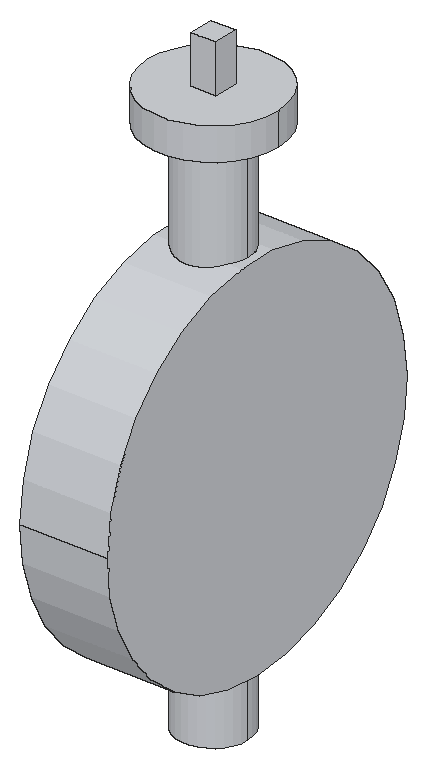
Revit family "HS497-68_disk-nerez_volné vřeteno DN200-RFA_2019", category Pipe Accessories, Revit 2019
Family settings
  Round Connector Dimension = Use Diameter
  Part Type = Valve - Breaks Into
  Work Plane-Based = No
  Always vertical = Yes
  Cut with Voids When Loaded = No
  Shared = No
Parameters (values of type "HS 497-68_DN200_PN16_volné vřeteno")
  magiProductId = "5b29029eaeba47139ee1055a4b9201"
  magiProductFamilyId = "53cea81e6f374d17b8841d9c72ad77"
  magiPartTypeId = 305
  isMeasuringValve [instance] = no
  ang2D [instance] = 0.00°
  X11 = 61.456 mm
  X1 = 25.456 mm
  W2D = 1000 mm
  VersionID = "2.0/2017.9.26.1/ZETKAMA_497_001"
  Use Minimum Symbol Size [instance] = yes
  URL = "http://www.hydronic.cz"
  Type Comments = "mezipřírubová; nerezový disk; PN16; -10~+110°C (krátkodobě +120°C)"
  SW30 = no
  SW3 = no
  SW21 = no
  SW20 = no
  SW2 = no
  SW1 = yes
  R = 100 mm
  QmdConnectorList = "301;D;302;D"
  Productdata [instance] = ""
  NC = 50 mm
  Manufacturer = "Hydronic Systems Prague s.r.o."
  MM20 = 25.456 mm
  MC Product Code = "124 200 (nerezový disk, s volným vřetenem; DN200; PN16, kvs2675)"
  M41 = 66 mm
  M4 = 44 mm
  LHL = 220 mm
  LHH3 = 2.45 mm
  LHH1 = 46.55 mm
  LH1 = 73.333 mm
  L4R__ve = -L4R  # -12.8 mm
  L4R = 12.8 mm
  L42__ve = -L42  # -96 mm
  L42 = 96 mm
  L41__ve = -L41  # -19.2 mm
  L41 = 19.2 mm
  L2D_Min = 3048 mm
  L2D = 216 mm
  L2 = 30 mm
  L1 = 48 mm
  L = 60 mm
  H = 33 mm
  G22 = 11.25 mm
  G2 = 22.5 mm
  G1 = 90 mm
  G = 90 mm
  F = 17 mm
  E44 = 31.25 mm
  E42 = 62.5 mm
  E4 = 125 mm
  E23 = 4.9 mm
  E22 = 19.6 mm
  E21 = 9.8 mm
  Description = "Mezipřírubová uzavírací klapka s volným vřetenem; nerezový disk, DN200; PN16; kvs2675"
  DR2 = 100 mm
  DR = 257 mm
  DD1 = 15.625 mm
  DD = 12.5 mm
  D = 200 mm
  CAT0 = yes
  B2__ve = -B2  # -70 mm
  B2 = 70 mm
  A2 = 22.5 mm
  A1 = 102.5 mm
Types (43, lengths in mm): name | magiProductId | X11 | X1 | Type Comments | SW30 | SW3 | SW20 | SW2 | SW1 | R | NC | Manufacturer | MM20 | MC Product Code | M41 | M4 | LHL | LHH3 | LHH1 | LH1 | L4R__ve | L4R | L42__ve | L42 | L41__ve | L41 | L2 | L1 | L | H | G | F | E44 | E42 | E4 | E23 | E22 | E21 | Description | DR2 | DR | DD1 | DD | D | B2__ve | B2 | A2 | A1
  HS 497-68_DN100_PN16_volné vřeteno | "65d1b245f4f142c78569c0602d5754" | 61.456 | 25.456 | "mezipřírubová; nerezový disk; PN16; -10~+110°C (krátkodobě +120°C)" | no | no | no | no | yes | 50 | 50 | "Hydronic Systems Prague s.r.o." | 25.456 | "124 100 (nerezový disk, s volným vřetenem; DN100; PN16, kvs512)" | 66 | 44 | 220 | 2.45 | 46.55 | 73.333 | -12.8 | 12.8 | -96 | 96 | -19.2 | 19.2 | 26 | 41.6 | 52 | 30 | 90 | 11 | 31.25 | 62.5 | 125 | 4.9 | 19.6 | 9.8 | "Mezipřírubová uzavírací klapka s volným vřetenem; nerezový disk, DN100; PN16; kvs512" | 50 | 147 | 15.625 | 12.5 | 100 | -56 | 56 | 16.5 | 98.5
  HS 497-68_DN100_PN16_převodové kolo | "11e91b807e674d428c8e796fcdcfe2" | 61.456 | 25.456 | "mezipřírubová; nerezový disk; PN16; -10~+110°C (krátkodobě +120°C)" | yes | yes | no | no | no | 50 | 50 | "Hydronic Systems Prague s.r.o." | 25.456 | "126 100 (nerezový disk, s převodovým kolem; DN100; PN16, kvs512)" | 65.25 | 43.5 | 220 | 2.45 | 46.55 | 73.333 | -12.8 | 12.8 | -96 | 96 | -19.2 | 19.2 | 26 | 41.6 | 52 | 30 | 90 | 11 | 31.25 | 62.5 | 125 | 4.9 | 19.6 | 9.8 | "Mezipřírubová uzavírací klapka s převodovým kolem; nerezový disk, DN100; PN16; kvs512" | 50 | 147 | 15.625 | 12.5 | 100 | -56 | 56 | 16.5 | 98.5
  HS 497-68_DN100_PN16_s pákou | "28172f0b3f4b47b28323ac71cf8749" | 61.456 | 25.456 | "mezipřírubová; nerezový disk; PN16; -10~+110°C (krátkodobě +120°C)" | no | no | yes | yes | no | 50 | 50 | "Hydronic Systems Prague s.r.o." | 25.456 | "121 100 (nerezový disk, s pákou; DN100; PN16, kvs512)" | 66 | 44 | 260 | 3 | 57 | 86.667 | -12.8 | 12.8 | -96 | 96 | -19.2 | 19.2 | 26 | 41.6 | 52 | 30 | 90 | 11 | 31.25 | 62.5 | 125 | 6 | 24 | 12 | "Mezipřírubová uzavírací klapka s pákou; nerezový disk, DN100; PN16; kvs512" | 50 | 147 | 15.625 | 12.5 | 100 | -56 | 56 | 16.5 | 98.5
  HS 497-68_DN125_PN16_volné vřeteno | "0d813d910fc14f628bb3c2efbd185c" | 61.456 | 25.456 | "mezipřírubová; nerezový disk; PN16; -10~+110°C (krátkodobě +120°C)" | no | no | no | no | yes | 62.5 | 50 | "Hydronic Systems Prague s.r.o." | 25.456 | "124 125 (nerezový disk, s volným vřetenem; DN125; PN16, kvs872)" | 66 | 44 | 220 | 2.45 | 46.55 | 73.333 | -12.8 | 12.8 | -96 | 96 | -19.2 | 19.2 | 28 | 44.8 | 56 | 33 | 90 | 14 | 31.25 | 62.5 | 125 | 4.9 | 19.6 | 9.8 | "Mezipřírubová uzavírací klapka s volným vřetenem; nerezový disk, DN125; PN16; kvs872" | 62.5 | 180 | 15.625 | 12.5 | 125 | -64 | 64 | 18 | 99.5
  HS 497-68_DN125_PN16_převodové kolo | "c56b7c13f372467684996fb1e0e229" | 61.456 | 25.456 | "mezipřírubová; nerezový disk; PN16; -10~+110°C (krátkodobě +120°C)" | yes | yes | no | no | no | 62.5 | 50 | "Hydronic Systems Prague s.r.o." | 25.456 | "126125 (nerezový disk, s převodovým kolem; DN125; PN16, kvs872)" | 65.25 | 43.5 | 220 | 2.45 | 46.55 | 73.333 | -13.5 | 13.5 | -101.25 | 101.25 | -20.25 | 20.25 | 28 | 44.8 | 56 | 33 | 90 | 14 | 40 | 80 | 160 | 4.9 | 19.6 | 9.8 | "Mezipřírubová uzavírací klapka s převodovým kolem; nerezový disk, DN125; PN16; kvs872" | 62.5 | 180 | 20 | 16 | 125 | -64 | 64 | 18 | 99.5
  HS 497-68_DN125_PN16_s pákou | "105993c79a91492399feef7931321a" | 61.456 | 25.456 | "mezipřírubová; nerezový disk; PN16; -10~+110°C (krátkodobě +120°C)" | no | no | yes | yes | no | 62.5 | 50 | "Hydronic Systems Prague s.r.o." | 25.456 | "121 125 (nerezový disk, s pákou; DN125; PN16, kvs872)" | 66 | 44 | 315 | 3.75 | 71.25 | 105 | -12.8 | 12.8 | -96 | 96 | -19.2 | 19.2 | 28 | 44.8 | 56 | 33 | 90 | 14 | 31.25 | 62.5 | 125 | 7.5 | 30 | 15 | "Mezipřírubová uzavírací klapka s pákou; nerezový disk, DN125; PN16; kvs872" | 62.5 | 180 | 15.625 | 12.5 | 125 | -64 | 64 | 18 | 99.5
  HS 497-68_DN150_PN16_volné vřeteno | "50c80cb8ab434f55ab7796e5ac1331" | 61.456 | 25.456 | "mezipřírubová; nerezový disk; PN16; -10~+110°C (krátkodobě +120°C)" | no | no | no | no | yes | 75 | 50 | "Hydronic Systems Prague s.r.o." | 25.456 | "124 150 (nerezový disk, s volným vřetenem; DN150; PN16, kvs1347)" | 66 | 44 | 220 | 2.45 | 46.55 | 73.333 | -12.8 | 12.8 | -96 | 96 | -19.2 | 19.2 | 28 | 44.8 | 56 | 33 | 90 | 14 | 31.25 | 62.5 | 125 | 4.9 | 19.6 | 9.8 | "Mezipřírubová uzavírací klapka s volným vřetenem; nerezový disk, DN150; PN16; kvs1347" | 75 | 206 | 15.625 | 12.5 | 150 | -58 | 58 | 19.3 | 98.7
  HS 497-68_DN150_PN16_převodové kolo | "d94a1a0cf83b476eb10011b327f709" | 61.456 | 25.456 | "mezipřírubová; nerezový disk; PN16; -10~+110°C (krátkodobě +120°C)" | yes | yes | no | no | no | 75 | 50 | "Hydronic Systems Prague s.r.o." | 25.456 | "126 150 (nerezový disk, s převodovým kolem; DN150; PN16, kvs1347)" | 65.25 | 43.5 | 220 | 2.45 | 46.55 | 73.333 | -13.5 | 13.5 | -101.25 | 101.25 | -20.25 | 20.25 | 28 | 44.8 | 56 | 33 | 90 | 14 | 40 | 80 | 160 | 4.9 | 19.6 | 9.8 | "Mezipřírubová uzavírací klapka s převodovým kolem; nerezový disk, DN150; PN16; kvs1347" | 75 | 206 | 20 | 16 | 150 | -58 | 58 | 19.3 | 98.7
  HS 497-68_DN150_PN16_s pákou | "4d2835523fe84828bc50ff0a5a0dfb" | 61.456 | 25.456 | "mezipřírubová; nerezový disk; PN16; -10~+110°C (krátkodobě +120°C)" | no | no | yes | yes | no | 75 | 50 | "Hydronic Systems Prague s.r.o." | 25.456 | "121 150 (nerezový disk, s pákou; DN150; PN16, kvs1347)" | 66 | 44 | 315 | 3.75 | 71.25 | 105 | -12.8 | 12.8 | -96 | 96 | -19.2 | 19.2 | 28 | 44.8 | 56 | 33 | 90 | 14 | 31.25 | 62.5 | 125 | 7.5 | 30 | 15 | "Mezipřírubová uzavírací klapka s pákou; nerezový disk, DN150; PN16; kvs1347" | 75 | 206 | 15.625 | 12.5 | 150 | -58 | 58 | 19.3 | 98.7
  HS 497-68_DN200_PN16_volné vřeteno | "5b29029eaeba47139ee1055a4b9201" | 61.456 | 25.456 | "mezipřírubová; nerezový disk; PN16; -10~+110°C (krátkodobě +120°C)" | no | no | no | no | yes | 100 | 50 | "Hydronic Systems Prague s.r.o." | 25.456 | "124 200 (nerezový disk, s volným vřetenem; DN200; PN16, kvs2675)" | 66 | 44 | 220 | 2.45 | 46.55 | 73.333 | -12.8 | 12.8 | -96 | 96 | -19.2 | 19.2 | 30 | 48 | 60 | 33 | 90 | 17 | 31.25 | 62.5 | 125 | 4.9 | 19.6 | 9.8 | "Mezipřírubová uzavírací klapka s volným vřetenem; nerezový disk, DN200; PN16; kvs2675" | 100 | 257 | 15.625 | 12.5 | 200 | -70 | 70 | 22.5 | 102.5
  HS 497-68_DN200_PN16_převodové kolo | "b2793cc1fcc44cf2a35062cd67c04f" | 61.456 | 25.456 | "mezipřírubová; nerezový disk; PN16; -10~+110°C (krátkodobě +120°C)" | yes | yes | no | no | no | 100 | 57 | "Hydronic Systems Prague s.r.o." | 25.456 | "126 200 (nerezový disk, s převodovým kolem; DN200; PN16, kvs2675)" | 78.75 | 52.5 | 220 | 2.45 | 46.55 | 73.333 | -15.2 | 15.2 | -114 | 114 | -22.8 | 22.8 | 30 | 48 | 60 | 33 | 90 | 17 | 50 | 100 | 200 | 4.9 | 19.6 | 9.8 | "Mezipřírubová uzavírací klapka s převodovým kolem; nerezový disk, DN200; PN16; kvs2675" | 100 | 257 | 25 | 20 | 200 | -70 | 70 | 22.5 | 102.5
  HS 497-68_DN200_PN16_s pákou | "f88d96c7af224537a51e72d7d8fffe" | 61.456 | 25.456 | "mezipřírubová; nerezový disk; PN16; -10~+110°C (krátkodobě +120°C)" | no | no | yes | yes | no | 100 | 50 | "Hydronic Systems Prague s.r.o." | 25.456 | "121 200 (nerezový disk, s pákou; DN200; PN16, kvs2675)" | 66 | 44 | 315 | 3.75 | 71.25 | 105 | -12.8 | 12.8 | -96 | 96 | -19.2 | 19.2 | 30 | 48 | 60 | 33 | 90 | 17 | 31.25 | 62.5 | 125 | 7.5 | 30 | 15 | "Mezipřírubová uzavírací klapka s pákou; nerezový disk, DN200; PN16; kvs2675" | 100 | 257 | 15.625 | 12.5 | 200 | -70 | 70 | 22.5 | 102.5
  HS 497-68_DN250_PN16_volné vřeteno | "b662e8305ca2402b9c510e66e6aa55" | 88.77 | 36.77 | "mezipřírubová; nerezový disk; PN16; -10~+110°C (krátkodobě +120°C)" | no | no | no | no | yes | 125 | 50 | "Hydronic Systems Prague s.r.o." | 36.77 | "124 250 (nerezový disk, s volným vřetenem; DN250; PN16, kvs4555)" | 66 | 44 | 220 | 2.45 | 46.55 | 73.333 | -12.8 | 12.8 | -96 | 96 | -19.2 | 19.2 | 34 | 54.4 | 68 | 23 | 130 | 22 | 31.25 | 62.5 | 125 | 4.9 | 19.6 | 9.8 | "Mezipřírubová uzavírací klapka s volným vřetenem; nerezový disk, DN250; PN16; kvs4555" | 125 | 324 | 15.625 | 12.5 | 250 | -85 | 85 | 28.25 | 129.25
  HS 497-68_DN250_PN16_převodové kolo | "5ee9016806664ddfaa2632711f295c" | 88.77 | 36.77 | "mezipřírubová; nerezový disk; PN16; -10~+110°C (krátkodobě +120°C)" | yes | yes | no | no | no | 125 | 70 | "Hydronic Systems Prague s.r.o." | 36.77 | "126 250 (nerezový disk, s převodovým kolem; DN250; PN16, kvs4555)" | 91.5 | 61 | 220 | 2.45 | 46.55 | 73.333 | -22.2 | 22.2 | -166.5 | 166.5 | -33.3 | 33.3 | 34 | 54.4 | 68 | 23 | 130 | 22 | 62.5 | 125 | 250 | 4.9 | 19.6 | 9.8 | "Mezipřírubová uzavírací klapka s převodovým kolem; nerezový disk, DN250; PN16; kvs4555" | 125 | 324 | 31.25 | 25 | 250 | -85 | 85 | 28.25 | 129.25
  HS 497-68_DN300_PN16_volné vřeteno | "e1886f51ff004380a649519258edf2" | 88.77 | 36.77 | "mezipřírubová; nerezový disk; PN16; -10~+110°C (krátkodobě +120°C)" | no | no | no | no | yes | 150 | 50 | "Hydronic Systems Prague s.r.o." | 36.77 | "124 300 (nerezový disk, s volným vřetenem; DN300; PN16, kvs7037)" | 66 | 44 | 220 | 2.45 | 46.55 | 73.333 | -12.8 | 12.8 | -96 | 96 | -19.2 | 19.2 | 39 | 62.4 | 78 | 23 | 130 | 22 | 31.25 | 62.5 | 125 | 4.9 | 19.6 | 9.8 | "Mezipřírubová uzavírací klapka s volným vřetenem; nerezový disk, DN300; PN16; kvs7037" | 150 | 376 | 15.625 | 12.5 | 300 | -90 | 90 | 30.8 | 127.2
  HS 497-68_DN300_PN16_převodové kolo | "6860f094f77d42088fbebc3c97f755" | 88.77 | 36.77 | "mezipřírubová; nerezový disk; PN16; -10~+110°C (krátkodobě +120°C)" | yes | yes | no | no | no | 150 | 70 | "Hydronic Systems Prague s.r.o." | 36.77 | "126 300 (nerezový disk, s převodovým kolem; DN300; PN16, kvs7037)" | 91.5 | 61 | 220 | 2.45 | 46.55 | 73.333 | -22.2 | 22.2 | -166.5 | 166.5 | -33.3 | 33.3 | 39 | 62.4 | 78 | 23 | 130 | 22 | 62.5 | 125 | 250 | 4.9 | 19.6 | 9.8 | "Mezipřírubová uzavírací klapka s převodovým kolem; nerezový disk, DN300; PN16; kvs7037" | 150 | 376 | 31.25 | 25 | 300 | -90 | 90 | 30.8 | 127.2
  HS 497-68_DN032_PN16_volné vřeteno | "8c5f65de52aa4067a77564107e31b2" | 61.456 | 25.456 | "mezipřírubová; nerezový disk; PN16; -10~+110°C (krátkodobě +120°C)" | no | no | no | no | yes | 16 | 50 | "Hydronic Systems Prague s.r.o." | 25.456 | "124 032 (nerezový disk, s volným vřetenem; DN32; PN16, kvs78)" | 66 | 44 | 220 | 2.45 | 46.55 | 73.333 | -12.8 | 12.8 | -96 | 96 | -19.2 | 19.2 | 16.5 | 26.4 | 33 | 30 | 90 | 11 | 31.25 | 62.5 | 125 | 4.9 | 19.6 | 9.8 | "Mezipřírubová uzavírací klapka s volným vřetenem; nerezový disk, DN32; PN16; kvs78" | 16 | 68 | 15.625 | 12.5 | 32 | -44.2 | 44.2 | 10.25 | 76.25
  HS 497-68_DN032_PN16_převodové kolo | "60aaeffa8b3a4e809ef000e4660060" | 61.456 | 25.456 | "mezipřírubová; nerezový disk; PN16; -10~+110°C (krátkodobě +120°C)" | yes | yes | no | no | no | 16 | 50 | "Hydronic Systems Prague s.r.o." | 25.456 | "126 032 (nerezový disk, s převodovým kolem; DN32; PN16, kvs78)" | 65.25 | 43.5 | 220 | 2.45 | 46.55 | 73.333 | -12.8 | 12.8 | -96 | 96 | -19.2 | 19.2 | 16.5 | 26.4 | 33 | 30 | 90 | 11 | 31.25 | 62.5 | 125 | 4.9 | 19.6 | 9.8 | "Mezipřírubová uzavírací klapka s převodovým kolem; nerezový disk, DN32; PN16; kvs78" | 16 | 68 | 15.625 | 12.5 | 32 | -44.2 | 44.2 | 10.25 | 76.25
  HS 497-68_DN032_PN16_s pákou | "9ad8088d610749a1b871aa2aad8007" | 61.456 | 25.456 | "mezipřírubová; nerezový disk; PN16; -10~+110°C (krátkodobě +120°C)" | no | no | yes | yes | no | 16 | 50 | "Hydronic Systems Prague s.r.o." | 25.456 | "121 032 (nerezový disk, s pákou; DN32; PN16, kvs78)" | 66 | 44 | 220 | 2.45 | 46.55 | 73.333 | -12.8 | 12.8 | -96 | 96 | -19.2 | 19.2 | 16.5 | 26.4 | 33 | 30 | 90 | 11 | 31.25 | 62.5 | 125 | 4.9 | 19.6 | 9.8 | "Mezipřírubová uzavírací klapka s pákou; nerezový disk, DN32; PN16; kvs78" | 16 | 68 | 15.625 | 12.5 | 32 | -44.2 | 44.2 | 10.25 | 76.25
  HS 497-68_DN350_PN10_volné vřeteno | "72a1e05f22944421b7e9596a877137" | 109.255 | 45.255 | "mezipřírubová; nerezový disk; PN10; -10~+110°C (krátkodobě +120°C)" | no | no | no | no | yes | 175 | 50 | "Hydronic Systems Prague s.r.o." | 45.255 | "124 350 (nerezový disk, s volným vřetenem; DN350; PN10, kvs10165)" | 66 | 44 | 220 | 2.45 | 46.55 | 73.333 | -12.8 | 12.8 | -96 | 96 | -19.2 | 19.2 | 39 | 62.4 | 78 | 31 | 160 | 22 | 31.25 | 62.5 | 125 | 4.9 | 19.6 | 9.8 | "Mezipřírubová uzavírací klapka s volným vřetenem; nerezový disk, DN350; PN10; kvs10165" | 175 | 430 | 15.625 | 12.5 | 350 | -88 | 88 | 33.85 | 129.65
  HS 497-68_DN350_PN10_převodové kolo | "a5a01426cb28494ba3afca92f1dace" | 109.255 | 45.255 | "mezipřírubová; nerezový disk; PN10; -10~+110°C (krátkodobě +120°C)" | yes | yes | no | no | no | 175 | 70 | "Hydronic Systems Prague s.r.o." | 45.255 | "126 350 (nerezový disk, s převodovým kolem; DN350; PN10, kvs10165)" | 91.5 | 61 | 220 | 2.45 | 46.55 | 73.333 | -22.2 | 22.2 | -166.5 | 166.5 | -33.3 | 33.3 | 39 | 62.4 | 78 | 31 | 160 | 22 | 62.5 | 125 | 250 | 4.9 | 19.6 | 9.8 | "Mezipřírubová uzavírací klapka s převodovým kolem; nerezový disk, DN350; PN10; kvs10165" | 175 | 430 | 31.25 | 25 | 350 | -88 | 88 | 33.85 | 129.65
  HS 497-68_DN400_PN10_volné vřeteno | "c70ebeb927c04ab99b176e257ad0a7" | 109.255 | 45.255 | "mezipřírubová; nerezový disk; PN10; -10~+110°C (krátkodobě +120°C)" | no | no | no | no | yes | 200 | 50 | "Hydronic Systems Prague s.r.o." | 45.255 | "124 400 (nerezový disk, s volným vřetenem; DN400; PN10, kvs13799)" | 66 | 44 | 220 | 2.45 | 46.55 | 73.333 | -12.8 | 12.8 | -96 | 96 | -19.2 | 19.2 | 51 | 81.6 | 102 | 31 | 160 | 27 | 31.25 | 62.5 | 125 | 4.9 | 19.6 | 9.8 | "Mezipřírubová uzavírací klapka s volným vřetenem; nerezový disk, DN400; PN10; kvs13799" | 200 | 485 | 15.625 | 12.5 | 400 | -108 | 108 | 38 | 142
  HS 497-68_DN400_PN10_převodové kolo | "cc64a4384dcb41b780d81810f4f293" | 109.255 | 45.255 | "mezipřírubová; nerezový disk; PN10; -10~+110°C (krátkodobě +120°C)" | yes | yes | no | no | no | 200 | 72.5 | "Hydronic Systems Prague s.r.o." | 45.255 | "126 400 (nerezový disk, s převodovým kolem; DN400; PN10, kvs13799)" | 103.5 | 69 | 220 | 2.45 | 46.55 | 73.333 | -27.8 | 27.8 | -208.5 | 208.5 | -41.7 | 41.7 | 51 | 81.6 | 102 | 31 | 160 | 27 | 75 | 150 | 300 | 4.9 | 19.6 | 9.8 | "Mezipřírubová uzavírací klapka s převodovým kolem; nerezový disk, DN400; PN10; kvs13799" | 200 | 485 | 37.5 | 30 | 400 | -108 | 108 | 38 | 142
  HS 497-68_DN040_PN16_volné vřeteno | "35f92312390745e88df5b5c325d9ee" | 61.456 | 25.456 | "mezipřírubová; nerezový disk; PN16; -10~+110°C (krátkodobě +120°C)" | no | no | no | no | yes | 20 | 50 | "Hydronic Systems Prague s.r.o." | 25.456 | "124 040 (nerezový disk, s volným vřetenem; DN40; PN16, kvs78)" | 66 | 44 | 220 | 2.45 | 46.55 | 73.333 | -12.8 | 12.8 | -96 | 96 | -19.2 | 19.2 | 16.5 | 26.4 | 33 | 30 | 90 | 11 | 31.25 | 62.5 | 125 | 4.9 | 19.6 | 9.8 | "Mezipřírubová uzavírací klapka s volným vřetenem; nerezový disk, DN40; PN16; kvs78" | 20 | 76 | 15.625 | 12.5 | 40 | -36 | 36 | 11 | 79
  HS 497-68_DN040_PN16_převodové kolo | "d88e968eae3445bc9b7b4e6ff35127" | 61.456 | 25.456 | "mezipřírubová; nerezový disk; PN16; -10~+110°C (krátkodobě +120°C)" | yes | yes | no | no | no | 20 | 50 | "Hydronic Systems Prague s.r.o." | 25.456 | "126 040 (nerezový disk, s převodovým kolem; DN40; PN16, kvs78)" | 65.25 | 43.5 | 220 | 2.45 | 46.55 | 73.333 | -12.8 | 12.8 | -96 | 96 | -19.2 | 19.2 | 16.5 | 26.4 | 33 | 30 | 90 | 11 | 31.25 | 62.5 | 125 | 4.9 | 19.6 | 9.8 | "Mezipřírubová uzavírací klapka s převodovým kolem; nerezový disk, DN40; PN16; kvs78" | 20 | 76 | 15.625 | 12.5 | 40 | -36 | 36 | 11 | 79
  HS 497-68_DN040_PN16_s pákou | "c1b522ca65b4407a98818f232eaacb" | 61.456 | 25.456 | "mezipřírubová; nerezový disk; PN16; -10~+110°C (krátkodobě +120°C)" | no | no | yes | yes | no | 20 | 50 | "Hydronic Systems Prague s.r.o." | 25.456 | "121 040 (nerezový disk, s pákou; DN40; PN16, kvs78)" | 66 | 44 | 220 | 2.45 | 46.55 | 73.333 | -12.8 | 12.8 | -96 | 96 | -19.2 | 19.2 | 16.5 | 26.4 | 33 | 30 | 90 | 11 | 31.25 | 62.5 | 125 | 4.9 | 19.6 | 9.8 | "Mezipřírubová uzavírací klapka s pákou; nerezový disk, DN40; PN16; kvs78" | 20 | 76 | 15.625 | 12.5 | 40 | -36 | 36 | 11 | 79
  HS 497-68_DN450_PN10_volné vřeteno | "a8358bc282f14872b3194e530e590a" | 129.74 | 53.74 | "mezipřírubová; nerezový disk; PN10; -10~+110°C (krátkodobě +120°C)" | no | no | no | no | yes | 225 | 50 | "Hydronic Systems Prague s.r.o." | 53.74 | "124 450 (nerezový disk, s volným vřetenem; DN450; PN10, kvs18514)" | 66 | 44 | 220 | 2.45 | 46.55 | 73.333 | -12.8 | 12.8 | -96 | 96 | -19.2 | 19.2 | 57 | 91.2 | 114 | 38 | 190 | 36 | 31.25 | 62.5 | 125 | 4.9 | 19.6 | 9.8 | "Mezipřírubová uzavírací klapka s volným vřetenem; nerezový, DN450; PN10; kvs18514" | 225 | 536 | 15.625 | 12.5 | 450 | -115 | 115 | 38.05 | 117.45
  HS 497-68_DN450_PN10_převodové kolo | "cdf2d80f54a9414f9cbe50647c0ebd" | 129.74 | 53.74 | "mezipřírubová; nerezový disk; PN10; -10~+110°C (krátkodobě +120°C)" | yes | yes | no | no | no | 225 | 91.5 | "Zetkama" | 53.74 | "126 450 (nerezový disk, s převodovým kolem; DN450; PN10, kvs18514)" | 144.75 | 96.5 | 220 | 2.45 | 46.55 | 73.333 | -32.1 | 32.1 | -240.75 | 240.75 | -48.15 | 48.15 | 57 | 91.2 | 114 | 38 | 190 | 36 | 100 | 200 | 400 | 4.9 | 19.6 | 9.8 | "Mezipřírubová uzavírací klapka s převodovým kolem; nerezový disk, DN450; PN10; kvs18514" | 225 | 536 | 50 | 40 | 450 | -115 | 115 | 38.05 | 117.45
  HS 497-68_DN500_PN10_volné vřeteno | "8c396e27bb2743f98f3c762b6517cd" | 143.397 | 59.397 | "mezipřírubová; nerezový disk; PN10; -10~+110°C (krátkodobě +120°C)" | no | no | no | no | yes | 250 | 50 | "Hydronic Systems Prague s.r.o." | 59.397 | "124 500 (nerezový disk, s volným vřetenem; DN500; PN10, kvs23805)" | 66 | 44 | 220 | 2.45 | 46.55 | 73.333 | -12.8 | 12.8 | -96 | 96 | -19.2 | 19.2 | 63.5 | 101.6 | 127 | 38 | 210 | 36 | 31.25 | 62.5 | 125 | 4.9 | 19.6 | 9.8 | "Mezipřírubová uzavírací klapka s volným vřetenem; nerezový disk, DN500; PN10; kvs23805" | 250 | 593 | 15.625 | 12.5 | 500 | -130 | 130 | 43.25 | 139.25
  HS 497-68_DN500_PN10_převodové kolo | "7647804f32e94cef828a7034a91a46" | 143.397 | 59.397 | "mezipřírubová; nerezový disk; PN10; -10~+110°C (krátkodobě +120°C)" | yes | yes | no | no | no | 250 | 91.5 | "Zetkama" | 59.397 | "126 500 (nerezový disk, s převodovým kolem; DN500; PN10, kvs23805)" | 144.75 | 96.5 | 220 | 2.45 | 46.55 | 73.333 | -32.1 | 32.1 | -240.75 | 240.75 | -48.15 | 48.15 | 63.5 | 101.6 | 127 | 38 | 210 | 36 | 100 | 200 | 400 | 4.9 | 19.6 | 9.8 | "Mezipřírubová uzavírací klapka s převodovým kolem; nerezový disk, DN500; PN10; kvs23805" | 250 | 593 | 50 | 40 | 500 | -130 | 130 | 43.25 | 139.25
  HS 497-68_DN050_volné vřeteno | "d71f296ecd6d4adf8f6e5d9853b4e0" | 61.456 | 25.456 | "mezipřírubová; nerezový disk; PN16; -10~+110°C (krátkodobě +120°C)" | no | no | no | no | yes | 25 | 50 | "Hydronic Systems Prague s.r.o." | 25.456 | "124 050 (nerezový disk, s volným vřetenem; DN50; PN16, kvs98)" | 66 | 44 | 220 | 2.45 | 46.55 | 73.333 | -12.8 | 12.8 | -96 | 96 | -19.2 | 19.2 | 21.5 | 34.4 | 43 | 30 | 90 | 11 | 31.25 | 62.5 | 125 | 4.9 | 19.6 | 9.8 | "Mezipřírubová uzavírací klapka s volným vřetenem; nerezový disk, DN50; PN16; kvs98" | 25 | 100 | 15.625 | 12.5 | 50 | -36.5 | 36.5 | 12 | 83
  HS 497-68_DN050_PN16_převodové kolo | "2fb080deeaed49c58418b94c1da5a4" | 61.456 | 25.456 | "mezipřírubová; nerezový disk; PN16; -10~+110°C (krátkodobě +120°C)" | yes | yes | no | no | no | 25 | 50 | "Hydronic Systems Prague s.r.o." | 25.456 | "126 050 (nerezový disk, s převodovým kolem; DN50; PN16, kvs98)" | 65.25 | 43.5 | 220 | 2.45 | 46.55 | 73.333 | -12.8 | 12.8 | -96 | 96 | -19.2 | 19.2 | 21.5 | 34.4 | 43 | 30 | 90 | 11 | 31.25 | 62.5 | 125 | 4.9 | 19.6 | 9.8 | "Mezipřírubová uzavírací klapka s převodovým kolem; nerezový disk, DN50; PN16; kvs98" | 25 | 100 | 15.625 | 12.5 | 50 | -36.5 | 36.5 | 12 | 83
  HS 497-68_DN050_PN16_s pákou | "dabc632061f94877a994b9b4e68112" | 61.456 | 25.456 | "mezipřírubová; nerezový disk; PN16; -10~+110°C (krátkodobě +120°C)" | no | no | yes | yes | no | 25 | 50 | "Hydronic Systems Prague s.r.o." | 25.456 | "121 050 (nerezový disk, s pákou; DN50; PN16, kvs98)" | 66 | 44 | 220 | 2.45 | 46.55 | 73.333 | -12.8 | 12.8 | -96 | 96 | -19.2 | 19.2 | 21.5 | 34.4 | 43 | 30 | 90 | 11 | 31.25 | 62.5 | 125 | 4.9 | 19.6 | 9.8 | "Mezipřírubová uzavírací klapka s pákou; nerezový disk, DN50; PN16; kvs98" | 25 | 100 | 15.625 | 12.5 | 50 | -36.5 | 36.5 | 12 | 83
  HS 497-68_DN600_PN10_volné vřeteno | "99d5892c14664fce81a7c5903f7711" | 143.397 | 59.397 | "mezipřírubová; nerezový disk; PN10; -10~+110°C (krátkodobě +120°C)" | no | no | no | no | yes | 300 | 50 | "Hydronic Systems Prague s.r.o." | 59.397 | "124 600 (nerezový disk, s volným vřetenem; DN600; PN10, kvs36778)" | 66 | 44 | 220 | 2.45 | 46.55 | 73.333 | -12.8 | 12.8 | -96 | 96 | -19.2 | 19.2 | 77 | 123.2 | 154 | 80 | 210 | 60 | 31.25 | 62.5 | 125 | 4.9 | 19.6 | 9.8 | "Mezipřírubová uzavírací klapka s volným vřetenem; nerezový disk, DN600; PN10; kvs36788" | 300 | 690 | 15.625 | 12.5 | 600 | -140 | 140 | 49.4 | 144.6
  HS 497-68_DN600_PN10_převodové kolo | "b1e26faab48a4c499f6bb11e7e3002" | 143.397 | 59.397 | "mezipřírubová; lnerezový disk; PN10; -10~+110°C (krátkodobě +120°C)" | yes | yes | no | no | no | 300 | 140 | "Hydronic Systems Prague s.r.o." | 59.397 | "126 600 (nerezový disk, s převodovým kolem; DN600; PN10, kvs36778)" | 206.25 | 137.5 | 220 | 2.45 | 46.55 | 73.333 | -40.8 | 40.8 | -306 | 306 | -61.2 | 61.2 | 77 | 123.2 | 154 | 80 | 210 | 60 | 125 | 250 | 500 | 4.9 | 19.6 | 9.8 | "Mezipřírubová uzavírací klapka s převodovým kolem; nerezový disk, DN600; PN10; kvs36788" | 300 | 690 | 62.5 | 50 | 600 | -140 | 140 | 49.4 | 144.6
  HS 497-68_DN065_PN16_volné vřeteno | "5e5e208646e34ec29f889baab5d08e" | 61.456 | 25.456 | "mezipřírubová; lnerezový disk; PN16; -10~+110°C (krátkodobě +120°C)" | no | no | no | no | yes | 32.5 | 50 | "Hydronic Systems Prague s.r.o." | 25.456 | "124 065 (nerezový disk, s volným vřetenem; DN65; PN16, kvs167)" | 66 | 44 | 220 | 2.45 | 46.55 | 73.333 | -12.8 | 12.8 | -96 | 96 | -19.2 | 19.2 | 23 | 36.8 | 46 | 30 | 90 | 11 | 31.25 | 62.5 | 125 | 4.9 | 19.6 | 9.8 | "Mezipřírubová uzavírací klapka s volným vřetenem; nerezový disk, DN65; PN16; kv167" | 32.5 | 108 | 15.625 | 12.5 | 65 | -36.5 | 36.5 | 13.5 | 89
  HS 497-68_DN065_PN16_převodové kolo | "654d74c8d15540b0bfe523d988ccb3" | 61.456 | 25.456 | "mezipřírubová; nerezový disk; PN16; -10~+110°C (krátkodobě +120°C)" | yes | yes | no | no | no | 32.5 | 50 | "Hydronic Systems Prague s.r.o." | 25.456 | "126 065 (nerezový disk, s převodovým kolem; DN65; PN16, kvs167)" | 65.25 | 43.5 | 220 | 2.45 | 46.55 | 73.333 | -12.8 | 12.8 | -96 | 96 | -19.2 | 19.2 | 23 | 36.8 | 46 | 30 | 90 | 11 | 31.25 | 62.5 | 125 | 4.9 | 19.6 | 9.8 | "Mezipřírubová uzavírací klapka s převodovým kolem; nerezový disk, DN65; PN16; kvs167" | 32.5 | 108 | 15.625 | 12.5 | 65 | -36.5 | 36.5 | 13.5 | 89
  HS 497-68_DN065_PN16_s pákou | "ebeb4b59db0641caaf6d6635ab37b9" | 61.456 | 25.456 | "mezipřírubová; nerezový disk; PN16; -10~+110°C (krátkodobě +120°C)" | no | no | yes | yes | no | 32.5 | 50 | "Hydronic Systems Prague s.r.o." | 25.456 | "121 065 (nerezový disk, s pákou; DN65; PN16, kvs167)" | 66 | 44 | 220 | 2.45 | 46.55 | 73.333 | -12.8 | 12.8 | -96 | 96 | -19.2 | 19.2 | 23 | 36.8 | 46 | 30 | 90 | 11 | 31.25 | 62.5 | 125 | 4.9 | 19.6 | 9.8 | "Mezipřírubová uzavírací klapka s pákou; nerezový disk, DN65; PN16; kvs167" | 32.5 | 108 | 15.625 | 12.5 | 65 | -36.5 | 36.5 | 13.5 | 89
  HS 497-68_DN080_PN16_volné vřeteno | "9e85c75c18654e1185a9c48ed6b00e" | 61.456 | 25.456 | "mezipřírubová; nerezový disk; PN16; -10~+110°C (krátkodobě +120°C)" | no | no | no | no | yes | 40 | 50 | "Hydronic Systems Prague s.r.o." | 25.456 | "124 080 (nerezový disk, s volným vřetenem; DN80; PN16, kvs258)" | 66 | 44 | 220 | 2.45 | 46.55 | 73.333 | -12.8 | 12.8 | -96 | 96 | -19.2 | 19.2 | 23 | 36.8 | 46 | 30 | 90 | 11 | 31.25 | 62.5 | 125 | 4.9 | 19.6 | 9.8 | "Mezipřírubová uzavírací klapka s volným vřetenem; nerezový disk, DN80; PN16; kvs258" | 40 | 124 | 15.625 | 12.5 | 80 | -54 | 54 | 14.1 | 86.9
  HS 497-68_DN080_PN16_převodové kolo | "5b3c8238c3d041e68c75b199e7ea46" | 61.456 | 25.456 | "mezipřírubová; nerezový disk; PN16; -10~+110°C (krátkodobě +120°C)" | yes | yes | no | no | no | 40 | 50 | "Hydronic Systems Prague s.r.o." | 25.456 | "126 080 (nerezový disk, s převodovým kolem; DN80; PN16, kvs258)" | 65.25 | 43.5 | 220 | 2.45 | 46.55 | 73.333 | -12.8 | 12.8 | -96 | 96 | -19.2 | 19.2 | 23 | 36.8 | 46 | 30 | 90 | 11 | 31.25 | 62.5 | 125 | 4.9 | 19.6 | 9.8 | "Mezipřírubová uzavírací klapka s převodovým kolem; nerezový disk, DN80; PN16; kvs258" | 40 | 124 | 15.625 | 12.5 | 80 | -54 | 54 | 14.1 | 86.9
  HS 497-68_DN080_PN16_s pákou | "e414795fab0f4eccb99bc3572c5477" | 61.456 | 25.456 | "mezipřírubová; nerezový disk; PN16; -10~+110°C (krátkodobě +120°C)" | no | no | yes | yes | no | 40 | 50 | "Hydronic Systems Prague s.r.o." | 25.456 | "121 080 (nerezový disk, s pákou; DN80; PN16, kvs258)" | 66 | 44 | 260 | 3 | 57 | 86.667 | -12.8 | 12.8 | -96 | 96 | -19.2 | 19.2 | 23 | 36.8 | 46 | 30 | 90 | 11 | 31.25 | 62.5 | 125 | 6 | 24 | 12 | "Mezipřírubová uzavírací klapka s pákou; nerezový disk, DN80; PN16; kvs258" | 40 | 124 | 15.625 | 12.5 | 80 | -54 | 54 | 14.1 | 86.9
  HS 497-68_DN250_PN16_s pákou | "" | 88.77 | 36.77 | "mezipřírubová; nerezový disk; PN16; -10~+110°C (krátkodobě +120°C)" | no | no | yes | yes | no | 125 | 70 | "Hydronic Systems Prague s.r.o." | 36.77 | "121 250 (nerezový disk, s ákou; DN250; PN16, kvs4555)" | 91.5 | 61 | 220 | 2.45 | 46.55 | 73.333 | -22.2 | 22.2 | -166.5 | 166.5 | -33.3 | 33.3 | 34 | 54.4 | 68 | 23 | 130 | 22 | 62.5 | 125 | 250 | 4.9 | 19.6 | 9.8 | "Mezipřírubová uzavírací klapka s pákou; nerezový disk, DN250; PN16; kvs4555" | 125 | 324 | 31.25 | 25 | 250 | -85 | 85 | 28.25 | 129.25
  HS 497-68_DN300_PN16_s pákou | "" | 88.77 | 36.77 | "mezipřírubová; nerezový disk; PN16; -10~+110°C (krátkodobě +120°C)" | no | no | yes | yes | no | 150 | 70 | "Hydronic Systems Prague s.r.o." | 36.77 | "121 300 (nerezový disk, s pákou; DN300; PN16, kvs7037)" | 91.5 | 61 | 220 | 2.45 | 46.55 | 73.333 | -22.2 | 22.2 | -166.5 | 166.5 | -33.3 | 33.3 | 39 | 62.4 | 78 | 23 | 130 | 22 | 62.5 | 125 | 250 | 4.9 | 19.6 | 9.8 | "Mezipřírubová uzavírací klapka s pákou; nerezový disk, DN300; PN16; kvs7037" | 150 | 376 | 31.25 | 25 | 300 | -90 | 90 | 30.8 | 127.2
Reference planes
  plane 1 "Center (Front/Back)": y = 0
  plane 2 "XYPLANE": z = 0
  plane 3 "Center (Left/Right)": x = 0
  plane 4 "473": x = -25.456
  plane 5 "472": x = -66
  plane 6 "471": y = -25.456
  plane 7 "470": y = 25.456
  plane 8 "469": x = -44
  plane 9 "468": y = -115.2
  plane 10 "467": y = -96
  plane 11 "466": z = 256.25
  plane 12 "465": z = 271.55
  plane 13 "464": y = 145.417
  plane 14 "463": z = 261.75
  plane 15 "462": z = 244.6
  plane 16 "461": z = 254.4
  plane 17 "460": y = 72.083
  plane 18 "459": x = -11.25
  plane 19 "458": x = 11.25
  plane 20 "457": y = -6.25
  plane 21 "456": x = -17.5
  plane 22 "455": x = 17.5
  plane 23 "454": z = 259.3
  plane 24 "453": y = 62.083
  plane 25 "452": y = -11.25
  plane 26 "451": x = -22.5
  plane 27 "450": x = 22.5
  plane 28 "449": z = 239.7
  plane 29 "448": z = 234.8
  plane 30 "447": z = -100
  plane 31 "446": z = 225
  plane 32 "445": z = 202.5
  plane 33 "444": z = 100
  plane 34 "443": x = 30
  plane 35 "442": x = -30
  plane 36 "441": z = 0
  plane 37 "440": y = 0
  plane 38 "439": x = 0
  plane 39 "438": z = 274
  plane 40 "437": z = 259.3
  plane 41 "436": x = 13.7
  plane 42 "435": x = -13.7
  plane 43 "434": y = 220
Forms (mm)
  Extrusion 1, solid, visible <- "SW3"
    sketch origin (-750, 0, 225) x (1, 0, 0) y (0, 1, 0)
      loop
        line (684, 25.456) -> (684, -25.456) -> (724.544, -25.456)
        arc (724.544, -25.456) -> (786, 0) -> (724.544, 25.456) r 36
        line (724.544, 25.456) -> (684, 25.456)
    from 0 to 62.5 <- "E42"
  Extrusion 2, solid, visible <- "SW30"
    sketch origin (0, -750, 0) x (0, 1, 0) y (0, 0, 1)
      loop
        circle (750, 256.25) r 7.813
    from 0 to 50 <- "NC"
  Extrusion 3, solid, visible <- "SW30"
    sketch origin (750, -115.2, 0) x (-1, 0, 0) y (0, 0, 1)
      loop
        circle (794, 256.25) r 62.5
    from 0 to -12.8 <- "L4R__ve"
  Extrusion 4, solid, visible <- "SW3"
    sketch origin (750, -96, 0) x (-1, 0, 0) y (0, 0, 1)
      loop
        circle (794, 256.25) r 7.813
    from 0 to -19.2 <- "L41__ve"
  Extrusion 5, solid, visible <- "SW30"
    sketch origin (750, 0, 0) x (-1, 0, 0) y (0, 0, 1)
      loop
        circle (794, 256.25) r 6.25
    from 0 to -96 <- "L42__ve"
  Blend 6, solid, visible <- "SW21"
    base sketch origin (750, 72.083, 0) x (-1, 0, 0) y (0, 0, 1)
      loop
        line (761.25, 254.4) -> (738.75, 254.4) -> (738.75, 244.6) -> (761.25, 244.6) -> (761.25, 254.4)
    top sketch origin (750, 72.083, 0) x (-1, 0, 0) y (0, 0, 1)
      loop
        line (761.25, 271.55) -> (738.75, 271.55) -> (738.75, 261.75) -> (761.25, 261.75) -> (761.25, 271.55)
    from 0 to 73.333
  Blend 7, solid, visible <- "SW21"
    base sketch origin (750, 62.083, 0) x (-1, 0, 0) y (0, 0, 1)
      loop
        line (761.25, 259.3) -> (738.75, 259.3) -> (738.75, 239.7) -> (761.25, 239.7) -> (761.25, 259.3)
    top sketch origin (750, 62.083, 0) x (-1, 0, 0) y (0, 0, 1)
      loop
        line (761.25, 254.4) -> (738.75, 254.4) -> (738.75, 244.6) -> (761.25, 244.6) -> (761.25, 254.4)
    from 0 to 10
  Blend 8, solid, visible <- "SW21"
    base sketch origin (-750, 0, 239.7) x (1, 0, 0) y (0, 1, 0)
      loop
        line (772.5, 62.083) -> (727.5, 62.083) -> (727.5, -11.25)
        arc (727.5, -11.25) -> (750, -31.25) -> (772.5, -11.25) r 22.656
        line (772.5, -11.25) -> (772.5, 62.083)
    top sketch origin (-750, 0, 239.7) x (1, 0, 0) y (0, 1, 0)
      loop
        line (767.5, 62.083) -> (732.5, 62.083) -> (732.5, -6.25)
        arc (732.5, -6.25) -> (750, -26.25) -> (767.5, -6.25) r 17.656
        line (767.5, -6.25) -> (767.5, 62.083)
    from 0 to 19.6
  Extrusion 9, solid, visible <- "SW2"
    sketch origin (-750, 0, 234.8) x (1, 0, 0) y (0, 1, 0)
      loop
        circle (750, 0) r 11.25
    from 0 to 4.9 <- "E23"
  Extrusion 10, solid, visible <- "SW2"
    sketch origin (-750, 0, 225) x (1, 0, 0) y (0, 1, 0)
      loop
        circle (750, 0) r 45
    from 0 to 9.8 <- "E21"
  Extrusion 11, solid, visible <- "CAT0"
    sketch origin (-750, 0, -100) x (1, 0, 0) y (0, 1, 0)
      loop
        circle (750, 0) r 24
    from 0 to -70 <- "B2__ve"
  Extrusion 12, solid, visible <- "CAT0"
    sketch origin (-750, 0, 202.5) x (1, 0, 0) y (0, 1, 0)
      loop
        circle (750, 0) r 45
    from 0 to 22.5 <- "A2"
  Extrusion 13, solid, visible <- "CAT0"
    sketch origin (-750, 0, 100) x (1, 0, 0) y (0, 1, 0)
      loop
        circle (750, 0) r 24
    from 0 to 102.5 <- "A1"
  Extrusion 14, solid, visible <- "CAT0"
    sketch origin (-30, -750, 0) x (0, 1, 0) y (0, 0, 1)
      loop
        circle (750, 0) r 128.5
    from 0 to 60 <- "L"
  Extrusion 15, solid, visible <- "SW1"
    sketch origin (-750, 0, 225) x (1, 0, 0) y (0, 1, 0)
      loop
        line (758.5, 8.5) -> (741.5, 8.5) -> (741.5, -8.5) -> (758.5, -8.5) -> (758.5, 8.5)
    from 0 to 33 <- "H"
  Blend 16, solid, visible <- "SW2"
    base sketch origin (750, 145.417, 0) x (-1, 0, 0) y (0, 0, 1)
      loop
        arc (763.7, 269) -> (762.236, 272.536) -> (758.7, 274) r 5
        line (758.7, 274) -> (741.3, 274)
        arc (741.3, 274) -> (737.764, 272.536) -> (736.3, 269) r 5
        line (736.3, 269) -> (736.3, 264.3)
        arc (736.3, 264.3) -> (737.764, 260.764) -> (741.3, 259.3) r 5
        line (741.3, 259.3) -> (758.7, 259.3)
        arc (758.7, 259.3) -> (762.236, 260.764) -> (763.7, 264.3) r 5
        line (763.7, 264.3) -> (763.7, 269)
    top sketch origin (750, 145.417, 0) x (-1, 0, 0) y (0, 0, 1)
      loop
        arc (763.7, 269) -> (762.236, 272.536) -> (758.7, 274) r 5
        line (758.7, 274) -> (741.3, 274)
        arc (741.3, 274) -> (737.764, 272.536) -> (736.3, 269) r 5
        line (736.3, 269) -> (736.3, 264.3)
        arc (736.3, 264.3) -> (737.764, 260.764) -> (741.3, 259.3) r 5
        line (741.3, 259.3) -> (758.7, 259.3)
        arc (758.7, 259.3) -> (762.236, 260.764) -> (763.7, 264.3) r 5
        line (763.7, 264.3) -> (763.7, 269)
    from 0 to 74.583
  Blend 17, solid, visible <- "SW20"
    base sketch origin (750, 145.417, 0) x (-1, 0, 0) y (0, 0, 1)
      loop
        line (763.7, 274) -> (736.3, 274) -> (736.3, 259.3) -> (763.7, 259.3) -> (763.7, 274)
    top sketch origin (750, 145.417, 0) x (-1, 0, 0) y (0, 0, 1)
      loop
        line (761.25, 259.3) -> (738.75, 259.3) -> (738.75, 239.7) -> (761.25, 239.7) -> (761.25, 259.3)
    from 0 to -83.333
  Extrusion 18, solid, visible <- "SW20"
    sketch origin (-750, 0, 239.7) x (1, 0, 0) y (0, 1, 0)
      loop
        line (772.5, 62.083) -> (727.5, 62.083) -> (727.5, -11.25)
        arc (727.5, -11.25) -> (750, -31.25) -> (772.5, -11.25) r 22.656
        line (772.5, -11.25) -> (772.5, 62.083)
    from 0 to 19.6 <- "E22"
  Extrusion 19, solid, not visible
    sketch origin (-30, -750, 0) x (0, 1, 0) y (0, 0, 1)
      loop
        circle (750, 0) r 10
    from 0 to 10
  Extrusion 20, solid, not visible
    sketch origin (30, -750, 0) x (0, 1, 0) y (0, 0, 1)
      loop
        circle (750, 0) r 10
    from 0 to -10
Lines and regions (mm)
  reference lines, not visible
    curve 1: circle (2, 2, 0) r 1 normal (0, 0, 1)
  reference lines
    curve 2: line (-25.456, -25.456, 225) -> (-25.456, 25.456, 225)
    curve 3: line (-17.5, -6.25, 239.7) -> (17.5, -6.25, 239.7)
    curve 4: line (-22.5, -11.25, 239.7) -> (22.5, -11.25, 239.7)
    curve 5: circle (0, 0, 225) r 1 normal (0, 0, 1)
    curve 6: line (-22.5, -11.25, 239.7) -> (22.5, -11.25, 239.7)
Dimensions and locks
  plane 1 "Center (Front/Back)" to curve 1 = 2 mm
  "X1": plane 3 "Center (Left/Right)" to plane 4 "473"
  "M41": plane 3 "Center (Left/Right)" to plane 5 "472"
  "MM20": plane 1 "Center (Front/Back)" to plane 6 "471"
  "MM20": plane 1 "Center (Front/Back)" to plane 7 "470"
  "M4": plane 3 "Center (Left/Right)" to plane 8 "469"
  "L41": plane 10 "467" to plane 9 "468"
  "L42": plane 1 "Center (Front/Back)" to plane 10 "467"
  "E44": plane 31 "446" to plane 11 "466"
  "LHH1": plane 31 "446" to plane 12 "465"
  "LH1": plane 17 "460" to plane 13 "464"
  "E21": plane 12 "465" to plane 14 "463"
  "E21": plane 16 "461" to plane 15 "462"
  "E23": plane 23 "454" to plane 16 "461"
  locked: plane 24 "453" to plane 17 "460" at 10
  "G22": plane 3 "Center (Left/Right)" to plane 18 "459"
  "G22": plane 3 "Center (Left/Right)" to plane 19 "458"
  locked: plane 25 "452" to plane 20 "457" at 5
  locked: plane 26 "451" to plane 21 "456" at 5
  locked: plane 27 "450" to plane 22 "455" at 5
  "E22": plane 28 "449" to plane 23 "454"
  "LH1": plane 25 "452" to plane 24 "453"
  "G22": plane 1 "Center (Front/Back)" to plane 25 "452"
  "G2": plane 3 "Center (Left/Right)" to plane 26 "451"
  "G2": plane 3 "Center (Left/Right)" to plane 27 "450"
  "E23": plane 29 "448" to plane 28 "449"
  "E21": plane 31 "446" to plane 29 "448"
  "R": plane 2 "XYPLANE" to plane 30 "447"
  "A2": plane 32 "445" to plane 31 "446"
  "A1": plane 33 "444" to plane 32 "445"
  "DR2": plane 2 "XYPLANE" to plane 33 "444"
  "L2": plane 3 "Center (Left/Right)" to plane 34 "443"
  "L2": plane 3 "Center (Left/Right)" to plane 35 "442"
  locked: plane 2 "XYPLANE" to plane 36 "441"
  locked: plane 1 "Center (Front/Back)" to plane 37 "440"
  locked: plane 3 "Center (Left/Right)" to plane 38 "439"
  "LHH3": plane 12 "465" to plane 39 "438"
  "LHH3": plane 14 "463" to plane 40 "437"
  "LHH3": plane 19 "458" to plane 41 "436"
  "LHH3": plane 18 "459" to plane 42 "435"
  "LHL": plane 1 "Center (Front/Back)" to plane 43 "434"
  "X11": curve 2 to Extrusion 1 sketch curve
  Extrusion 1 sketch curve to Extrusion 1 sketch curve = 0 mm  (x8)
  Blend 6 sketch curve to Blend 6 sketch curve = 0 mm  (x16)
  Blend 7 sketch curve to Blend 7 sketch curve = 0 mm  (x16)
  Blend 8 sketch curve to Blend 8 sketch curve = 0 mm  (x16)
  equal spacing: Extrusion 15 sketch curve, curve 5, Extrusion 15 sketch curve  (x2)
  "F": Extrusion 15 sketch curve to Extrusion 15 sketch curve  (x2)
  Blend 16 sketch curve to Blend 16 sketch curve = 0 mm  (x32)
  Blend 17 sketch curve to Blend 17 sketch curve = 0 mm  (x16)
  Extrusion 18 sketch curve to Extrusion 18 sketch curve = 0 mm  (x8)
  "DD1": diameter of Extrusion 2 sketch curve
  "E4": diameter of Extrusion 3 sketch curve
  "DD1": diameter of Extrusion 4 sketch curve
  "DD": diameter of Extrusion 5 sketch curve
  "G2": diameter of Extrusion 9 sketch curve
  "G1": diameter of Extrusion 10 sketch curve
  "L1": diameter of Extrusion 11 sketch curve
  "G": diameter of Extrusion 12 sketch curve
  "L1": diameter of Extrusion 13 sketch curve
  "DR": diameter of Extrusion 14 sketch curve
  radius of Blend 16 sketch curve = 5 mm  (x8)
  aligned and locked: level to plane 2 "XYPLANE"
  aligned and locked: Extrusion 1 sketch curve to plane 5 "472"
  aligned and locked: plane 7 "470" to Extrusion 1 sketch curve
  aligned and locked: plane 6 "471" to Extrusion 1 sketch curve
  aligned and locked: plane 5 "472" to Extrusion 1 sketch curve
  aligned and locked: plane 4 "473" to Extrusion 1 sketch curve  (x2)
  aligned and locked: plane 4 "473" to curve 2
  aligned and locked: plane 6 "471" to curve 2
  aligned and locked: plane 7 "470" to curve 2
  aligned and locked: Extrusion 1 sketch curve to plane 7 "470"
  aligned and locked: plane 11 "466" to Extrusion 2 sketch curve
  aligned and locked: plane 37 "440" to Extrusion 2 sketch curve
  aligned and locked: plane 8 "469" to Extrusion 3 sketch curve
  aligned and locked: plane 11 "466" to Extrusion 3 sketch curve
  aligned and locked: plane 8 "469" to Extrusion 4 sketch curve
  aligned and locked: plane 11 "466" to Extrusion 4 sketch curve
  aligned and locked: plane 8 "469" to Extrusion 5 sketch curve
  aligned and locked: plane 11 "466" to Extrusion 5 sketch curve
  aligned and locked: plane 12 "465" to Blend 6 sketch curve  (x2)
  aligned and locked: plane 18 "459" to Blend 6 sketch curve  (x4)
  aligned and locked: plane 19 "458" to Blend 6 sketch curve  (x4)
  aligned and locked: plane 14 "463" to Blend 6 sketch curve  (x2)
  aligned and locked: plane 16 "461" to Blend 6 sketch curve  (x2)
  aligned and locked: plane 15 "462" to Blend 6 sketch curve  (x2)
  aligned and locked: plane 13 "464" to Blend 6
  aligned and locked: plane 16 "461" to Blend 7 sketch curve  (x2)
  aligned and locked: plane 18 "459" to Blend 7 sketch curve  (x4)
  aligned and locked: plane 19 "458" to Blend 7 sketch curve  (x4)
  aligned and locked: plane 15 "462" to Blend 7 sketch curve  (x2)
  aligned and locked: plane 23 "454" to Blend 7 sketch curve  (x2)
  aligned and locked: plane 28 "449" to Blend 7 sketch curve  (x2)
  aligned and locked: plane 17 "460" to Blend 7
  aligned and locked: plane 24 "453" to Blend 8 sketch curve  (x4)
  aligned and locked: plane 22 "455" to Blend 8 sketch curve  (x2)
  aligned and locked: plane 21 "456" to Blend 8 sketch curve
  aligned and locked: plane 20 "457" to Blend 8 sketch curve  (x2)
  aligned and locked: curve 3 to plane 20 "457"
  aligned and locked: plane 21 "456" to curve 3
  aligned and locked: plane 22 "455" to curve 3
  aligned and locked: plane 27 "450" to Blend 8 sketch curve  (x2)
  aligned and locked: plane 26 "451" to Blend 8 sketch curve
  aligned and locked: plane 25 "452" to Blend 8 sketch curve  (x2)
  aligned and locked: curve 4 to plane 25 "452"
  aligned and locked: plane 26 "451" to curve 4
  aligned and locked: plane 27 "450" to curve 4
  aligned and locked: plane 23 "454" to Blend 8
  aligned and locked: plane 37 "440" to Extrusion 9 sketch curve
  aligned and locked: plane 38 "439" to Extrusion 9 sketch curve
  aligned and locked: plane 37 "440" to Extrusion 10 sketch curve
  aligned and locked: plane 38 "439" to Extrusion 10 sketch curve
  aligned and locked: plane 37 "440" to Extrusion 11 sketch curve
  aligned and locked: plane 38 "439" to Extrusion 11 sketch curve
  aligned and locked: plane 37 "440" to Extrusion 12 sketch curve
  aligned and locked: plane 38 "439" to Extrusion 12 sketch curve
  aligned and locked: plane 37 "440" to Extrusion 13 sketch curve
  aligned and locked: plane 38 "439" to Extrusion 13 sketch curve
  aligned and locked: plane 36 "441" to Extrusion 14 sketch curve
  aligned and locked: Extrusion 14 sketch curve to plane 37 "440"
  aligned and locked: plane 37 "440" to curve 5
  aligned and locked: plane 38 "439" to curve 5
  aligned and locked: plane 39 "438" to Blend 16 sketch curve  (x2)
  aligned and locked: plane 41 "436" to Blend 16 sketch curve  (x2)
  aligned and locked: Blend 16 sketch curve to plane 40 "437"  (x2)
  aligned and locked: Blend 16 sketch curve to plane 42 "435"  (x2)
  aligned and locked: plane 43 "434" to Blend 16
  aligned and locked: plane 23 "454" to Blend 17 sketch curve  (x2)
  aligned and locked: plane 18 "459" to Blend 17 sketch curve  (x2)
  aligned and locked: plane 19 "458" to Blend 17 sketch curve  (x2)
  aligned and locked: plane 28 "449" to Blend 17 sketch curve  (x2)
  aligned and locked: plane 39 "438" to Blend 17 sketch curve  (x2)
  aligned and locked: plane 42 "435" to Blend 17 sketch curve  (x2)
  aligned and locked: plane 41 "436" to Blend 17 sketch curve  (x2)
  aligned and locked: plane 40 "437" to Blend 17 sketch curve  (x2)
  aligned and locked: Blend 17 to plane 24 "453"
  aligned and locked: plane 24 "453" to Extrusion 18 sketch curve  (x2)
  aligned and locked: plane 27 "450" to Extrusion 18 sketch curve  (x2)
  aligned and locked: plane 26 "451" to Extrusion 18 sketch curve
  aligned and locked: plane 25 "452" to Extrusion 18 sketch curve  (x2)
  aligned and locked: curve 6 to plane 25 "452"
  aligned and locked: plane 26 "451" to curve 6
  aligned and locked: plane 27 "450" to curve 6
  aligned and locked: plane 36 "441" to Extrusion 19 sketch curve
  aligned and locked: Extrusion 19 sketch curve to plane 37 "440"
  aligned and locked: plane 36 "441" to Extrusion 20 sketch curve
  aligned and locked: Extrusion 20 sketch curve to plane 37 "440"
Automatic sketch dimensions
  Blend 8 sketch curve to plane 20 "457" = 2.344 mm  (x2)
  Extrusion 18 sketch curve to plane 20 "457" = 2.344 mm
  plane 25 "452" to Extrusion 19 sketch curve = 1.25 mm
  plane 25 "452" to Extrusion 20 sketch curve = 1.25 mm
  plane 3 "Center (Left/Right)" to curve 1 = 2 mm
  plane 26 "451" to Extrusion 15 sketch curve = 14 mm
  plane 25 "452" to Extrusion 15 sketch curve = 2.75 mm
  radius of curve 5 = 1 mm
  radius of curve 1 = 1 mm
Connectors
  piping at (-30, 0, 0), diameter 200, driven by "D"
    settings: on Extrusion 19, index 1, connector inside diameter 609.6 mm, connector length 0 mm, flow factor 0, pipe flow 0.0 L/s, pressure drop 0.0 Pa, fitting loss kfactor 0, connector angle 0.00°, fixture units 0, engagement length 0 mm, angle of deflection 0.00°, flow configuration 0, flow direction 0, fitting loss method 0, system type 29, joint type 0, gender type 0, connector reference index 2, connector utility 0, adjustable connector no, is connector primary yes, connector description ""
  piping at (30, 0, 0), diameter 200, driven by "D"
    settings: on Extrusion 20, index 2, connector inside diameter 609.6 mm, connector length 0 mm, flow factor 0, pipe flow 0.0 L/s, pressure drop 0.0 Pa, fitting loss kfactor 0, connector angle 0.00°, fixture units 0, engagement length 0 mm, angle of deflection 0.00°, flow configuration 0, flow direction 0, fitting loss method 0, system type 29, joint type 0, gender type 0, connector reference index 1, connector utility 0, adjustable connector no, is connector primary no, connector description ""
